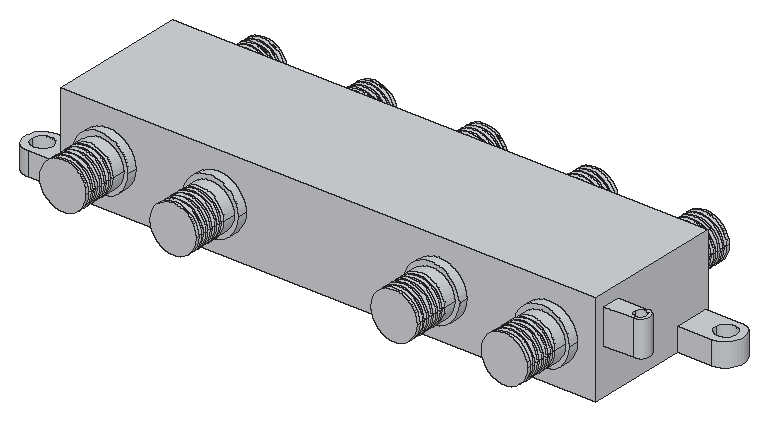
Revit family "Repetidor 812 ", category Aparatos eléctricos, Revit 2019
Family settings
  Mantener orientación de anotación = No
  Cota de conector redondo = Diámetro de uso
  Tipo de pieza = Normal
  Número OmniClass = 23.80.00.00
  Título OmniClass = Electric Power and Lighting
  Se basa en plano de trabajo = No
  Siempre vertical = Sí
  Corte con vacíos al cargar = No
  Compartido = No
  Punto de cálculo de habitación = No
Parameters
  Visibilidad 825 = yes
  Visibilidad 820 = yes
  Visibilidad 815 = yes
  Largo = 115.00 mm
  Conectores = Largo / 25.23 mm  # 5
  Conector 2 = 3.654 mm
  Conector = 0.00 mm
  Ancho [instance] = 30.00 mm
  Altura = 30.00 mm
Reference planes
  plane 1 "Centro (Frontal/Posterior)": y = 0
  plane 2: z = 0
  plane 3 "Centro (Izquierda/Derecha)": x = 0
  plane 4 "Centro I/E": x = -57.5
  plane 5 "Centro I/F": x = 57.5
  plane 6 "Centro I/G": y = 15
  plane 7 "Centro I/H": y = -15
  plane 8 "Centro I/K": y = -15
Forms (mm)
  Extrusion 1, solid
    sketch origin (0, 0, 0) x (1, 0, 0) y (0, 1, 0)
      loop
        line (57.5, 15) -> (-57.5, 15) -> (-57.5, -15) -> (57.5, -15) -> (57.5, 15)
    from 0 to 20
  Extrusion 2, solid, detail levels fine
    sketch origin (0, -6.971, 0) x (1, 0, 0) y (0, 0, 1)
      loop
        circle (-25.232, 10) r 5
    from 17 to 27
  Extrusion 3, solid
    sketch origin (0, -6.971, 0) x (1, 0, 0) y (0, 0, 1)
      loop
        circle (-25.232, 10) r 6
    from 15 to 17
  Extrusion 4, solid, detail levels fine
    sketch origin (-22.268, 0, 0) x (1, 0, 0) y (0, 0, 1)
      loop
        circle (-25.232, 10) r 5
    from 17 to 27
  Extrusion 5, solid
    sketch origin (-22.268, 0, 0) x (1, 0, 0) y (0, 0, 1)
      loop
        circle (-25.232, 10) r 6
    from 15 to 17
  Extrusion 6, solid
    sketch origin (-14.144, 3.759, 0) x (1, 0, 0) y (0, 0, -1)
      loop
        circle (0, -10) r 5
    from 17 to 27
  Extrusion 7, solid
    sketch origin (-14.144, 3.759, 0) x (1, 0, 0) y (0, 0, -1)
      loop
        circle (0, -10) r 6
    from 15 to 17
  Extrusion 8, solid, detail levels medium+fine
    sketch origin (-117.5, 86.956, 0) x (-1, 0, 0) y (0, -1, 0)
      loop
        line (-175, 100) -> (-181.519, 100)
        arc (-181.519, 100) -> (-183.474, 98.044) -> (-181.519, 96.089) r 1.956
        line (-181.519, 96.089) -> (-175, 96.089) -> (-175, 100)
      loop
        circle (-181.519, 98.044) r 1.304
    from 10 to 17.5
  Extrusion 9, solid, detail levels medium+fine
    sketch origin (-117.5, -43.128, -5) x (-1, 0, 0) y (0, -1, 0)
      loop
        line (-175, -57.5) -> (-175, -50) -> (-182.5, -50)
        arc (-182.5, -50) -> (-186.25, -53.75) -> (-182.5, -57.5) r 3.75
        line (-182.5, -57.5) -> (-175, -57.5)
      loop
        circle (-182.5, -53.75) r 2.25
    from 5 to 10
  Extrusion 10, solid, detail levels medium+fine
    sketch origin (-115, -46.566, 0) x (-1, 0, 0) y (0, -1, 0)
      loop
        line (-175, -57.5) -> (-175, -50) -> (-182.5, -50)
        arc (-182.5, -50) -> (-186.25, -53.75) -> (-182.5, -57.5) r 3.75
        line (-182.5, -57.5) -> (-175, -57.5)
      loop
        circle (-182.5, -53.75) r 2.25
    from 5 to 10
  Extrusion 11, solid, detail levels medium+fine
    sketch origin (-110, 90, 0) x (-1, 0, 0) y (0, -1, 0)
      loop
        line (-175, 100) -> (-181.519, 100)
        arc (-181.519, 100) -> (-183.474, 98.044) -> (-181.519, 96.089) r 1.956
        line (-181.519, 96.089) -> (-175, 96.089) -> (-175, 100)
      loop
        circle (-181.519, 98.044) r 1.304
    from 10 to 17.5
  Extrusion 12, solid, detail levels medium+fine
    sketch origin (117.5, 43.128, -5) x (1, 0, 0) y (0, 1, 0)
      loop
        line (-175, -57.5) -> (-175, -50) -> (-182.5, -50)
        arc (-182.5, -50) -> (-186.25, -53.75) -> (-182.5, -57.5) r 3.75
        line (-182.5, -57.5) -> (-175, -57.5)
      loop
        circle (-182.5, -53.75) r 2.25
    from 5 to 10
  Revolve 13, void
    sketch origin (-22.25, 0, 10) x (1, 0, 0) y (0, 1, 0)
      loop
        line (-29.46, -26.03) -> (-30.25, -25.574) -> (-30.25, -26.486) -> (-29.46, -26.03)
      axis (-25.25, -26.486) -> (-25.25, -25.486)
    angle from 0 to 360
  Revolve 14, void
    sketch origin (0.018, -6.971, 10) x (1, 0, 0) y (0, 1, 0)
      loop
        line (-29.46, -26.03) -> (-30.25, -25.574) -> (-30.25, -26.486) -> (-29.46, -26.03)
      axis (-25.25, -26.486) -> (-25.25, -25.486)
    angle from 0 to 360
  Revolve 15, void
    sketch origin (-22.25, 0, 10) x (1, 0, 0) y (0, 1, 0)
      loop
        line (-29.46, -24.918) -> (-30.25, -24.461) -> (-30.25, -25.374) -> (-29.46, -24.918)
      axis (-25.25, -25.374) -> (-25.25, -24.374)
    angle from 0 to 360
  Revolve 16, void
    sketch origin (0.018, -6.971, 10) x (1, 0, 0) y (0, 1, 0)
      loop
        line (-29.46, -24.918) -> (-30.25, -24.461) -> (-30.25, -25.374) -> (-29.46, -24.918)
      axis (-25.25, -25.374) -> (-25.25, -24.374)
    angle from 0 to 360
  Revolve 17, void
    sketch origin (-22.25, 0, 10) x (1, 0, 0) y (0, 1, 0)
      loop
        line (-29.46, -23.718) -> (-30.25, -23.261) -> (-30.25, -24.174) -> (-29.46, -23.718)
      axis (-25.25, -24.174) -> (-25.25, -23.174)
    angle from 0 to 360
  Revolve 18, void
    sketch origin (-22.25, 0, 10) x (1, 0, 0) y (0, 1, 0)
      loop
        line (-29.46, -22.518) -> (-30.25, -22.061) -> (-30.25, -22.974) -> (-29.46, -22.518)
      axis (-25.25, -22.974) -> (-25.25, -21.974)
    angle from 0 to 360
  Revolve 19, void
    sketch origin (-22.25, 0, 10) x (1, 0, 0) y (0, 1, 0)
      loop
        line (-29.46, -21.318) -> (-30.25, -20.861) -> (-30.25, -21.774) -> (-29.46, -21.318)
      axis (-25.25, -21.774) -> (-25.25, -20.774)
    angle from 0 to 360
  Revolve 20, void
    sketch origin (-22.25, 0, 10) x (1, 0, 0) y (0, 1, 0)
      loop
        line (-29.46, -20.118) -> (-30.25, -19.661) -> (-30.25, -20.574) -> (-29.46, -20.118)
      axis (-25.25, -20.574) -> (-25.25, -19.574)
    angle from 0 to 360
  Revolve 21, void
    sketch origin (0.018, -6.971, 10) x (1, 0, 0) y (0, 1, 0)
      loop
        line (-29.46, -23.718) -> (-30.25, -23.261) -> (-30.25, -24.174) -> (-29.46, -23.718)
      axis (-25.25, -24.174) -> (-25.25, -23.174)
    angle from 0 to 360
  Revolve 22, void
    sketch origin (0.018, -6.971, 10) x (1, 0, 0) y (0, 1, 0)
      loop
        line (-29.46, -22.518) -> (-30.25, -22.061) -> (-30.25, -22.974) -> (-29.46, -22.518)
      axis (-25.25, -22.974) -> (-25.25, -21.974)
    angle from 0 to 360
  Revolve 23, void
    sketch origin (0.018, -6.971, 10) x (1, 0, 0) y (0, 1, 0)
      loop
        line (-29.46, -21.318) -> (-30.25, -20.861) -> (-30.25, -21.774) -> (-29.46, -21.318)
      axis (-25.25, -21.774) -> (-25.25, -20.774)
    angle from 0 to 360
  Revolve 24, void
    sketch origin (0.018, -6.971, 10) x (1, 0, 0) y (0, 1, 0)
      loop
        line (-29.46, -20.118) -> (-30.25, -19.661) -> (-30.25, -20.574) -> (-29.46, -20.118)
      axis (-25.25, -20.574) -> (-25.25, -19.574)
    angle from 0 to 360
  Extrusion 25, solid, detail levels fine
    sketch origin (-72.732, 0, 0) x (-1, 0, 0) y (0, 0, 1)
      loop
        circle (-25.232, 10) r 5
    from 17 to 27
  Extrusion 26, solid
    sketch origin (-72.732, 0, 0) x (-1, 0, 0) y (0, 0, 1)
      loop
        circle (-25.232, 10) r 6
    from 15 to 17
  Revolve 27, void
    sketch origin (-72.75, 0, 10) x (-1, 0, 0) y (0, -1, 0)
      loop
        line (-29.46, -26.03) -> (-30.25, -25.574) -> (-30.25, -26.486) -> (-29.46, -26.03)
      axis (-25.25, -26.486) -> (-25.25, -25.486)
    angle from 0 to 360
  Revolve 28, void
    sketch origin (-72.75, 0, 10) x (-1, 0, 0) y (0, -1, 0)
      loop
        line (-29.46, -24.918) -> (-30.25, -24.461) -> (-30.25, -25.374) -> (-29.46, -24.918)
      axis (-25.25, -25.374) -> (-25.25, -24.374)
    angle from 0 to 360
  Revolve 29, void
    sketch origin (-72.75, 0, 10) x (-1, 0, 0) y (0, -1, 0)
      loop
        line (-29.46, -23.718) -> (-30.25, -23.261) -> (-30.25, -24.174) -> (-29.46, -23.718)
      axis (-25.25, -24.174) -> (-25.25, -23.174)
    angle from 0 to 360
  Revolve 30, void
    sketch origin (-72.75, 0, 10) x (-1, 0, 0) y (0, -1, 0)
      loop
        line (-29.46, -22.518) -> (-30.25, -22.061) -> (-30.25, -22.974) -> (-29.46, -22.518)
      axis (-25.25, -22.974) -> (-25.25, -21.974)
    angle from 0 to 360
  Revolve 31, void
    sketch origin (-72.75, 0, 10) x (-1, 0, 0) y (0, -1, 0)
      loop
        line (-29.46, -21.318) -> (-30.25, -20.861) -> (-30.25, -21.774) -> (-29.46, -21.318)
      axis (-25.25, -21.774) -> (-25.25, -20.774)
    angle from 0 to 360
  Revolve 32, void
    sketch origin (-72.75, 0, 10) x (-1, 0, 0) y (0, -1, 0)
      loop
        line (-29.46, -20.118) -> (-30.25, -19.661) -> (-30.25, -20.574) -> (-29.46, -20.118)
      axis (-25.25, -20.574) -> (-25.25, -19.574)
    angle from 0 to 360
  Extrusion 33, solid, detail levels fine
    sketch origin (35.192, 46.726, 0) x (1, 0, 0) y (0, 0, 1)
      loop
        circle (-25.232, 10) r 5
    from 17 to 27
  Extrusion 34, solid
    sketch origin (35.192, 46.726, 0) x (1, 0, 0) y (0, 0, 1)
      loop
        circle (-25.232, 10) r 6
    from 15 to 17
  Revolve 35, void
    sketch origin (35.21, 46.726, 10) x (1, 0, 0) y (0, 1, 0)
      loop
        line (-29.46, -26.03) -> (-30.25, -25.574) -> (-30.25, -26.486) -> (-29.46, -26.03)
      axis (-25.25, -26.486) -> (-25.25, -25.486)
    angle from 0 to 360
  Revolve 36, void
    sketch origin (35.21, 46.726, 10) x (1, 0, 0) y (0, 1, 0)
      loop
        line (-29.46, -24.918) -> (-30.25, -24.461) -> (-30.25, -25.374) -> (-29.46, -24.918)
      axis (-25.25, -25.374) -> (-25.25, -24.374)
    angle from 0 to 360
  Revolve 37, void
    sketch origin (35.21, 46.726, 10) x (1, 0, 0) y (0, 1, 0)
      loop
        line (-29.46, -23.718) -> (-30.25, -23.261) -> (-30.25, -24.174) -> (-29.46, -23.718)
      axis (-25.25, -24.174) -> (-25.25, -23.174)
    angle from 0 to 360
  Revolve 38, void
    sketch origin (35.21, 46.726, 10) x (1, 0, 0) y (0, 1, 0)
      loop
        line (-29.46, -22.518) -> (-30.25, -22.061) -> (-30.25, -22.974) -> (-29.46, -22.518)
      axis (-25.25, -22.974) -> (-25.25, -21.974)
    angle from 0 to 360
  Revolve 39, void
    sketch origin (35.21, 46.726, 10) x (1, 0, 0) y (0, 1, 0)
      loop
        line (-29.46, -21.318) -> (-30.25, -20.861) -> (-30.25, -21.774) -> (-29.46, -21.318)
      axis (-25.25, -21.774) -> (-25.25, -20.774)
    angle from 0 to 360
  Revolve 40, void
    sketch origin (35.21, 46.726, 10) x (1, 0, 0) y (0, 1, 0)
      loop
        line (-29.46, -20.118) -> (-30.25, -19.661) -> (-30.25, -20.574) -> (-29.46, -20.118)
      axis (-25.25, -20.574) -> (-25.25, -19.574)
    angle from 0 to 360
  Extrusion 41, solid, detail levels fine
    sketch origin (22.268, 0, 0) x (-1, 0, 0) y (0, 0, 1)
      loop
        circle (-25.232, 10) r 5
    from 17 to 27
  Extrusion 42, solid
    sketch origin (22.268, 0, 0) x (-1, 0, 0) y (0, 0, 1)
      loop
        circle (-25.232, 10) r 6
    from 15 to 17
  Revolve 43, void
    sketch origin (22.25, 0, 10) x (-1, 0, 0) y (0, -1, 0)
      loop
        line (-29.46, -26.03) -> (-30.25, -25.574) -> (-30.25, -26.486) -> (-29.46, -26.03)
      axis (-25.25, -26.486) -> (-25.25, -25.486)
    angle from 0 to 360
  Revolve 44, void
    sketch origin (22.25, 0, 10) x (-1, 0, 0) y (0, -1, 0)
      loop
        line (-29.46, -24.918) -> (-30.25, -24.461) -> (-30.25, -25.374) -> (-29.46, -24.918)
      axis (-25.25, -25.374) -> (-25.25, -24.374)
    angle from 0 to 360
  Revolve 45, void
    sketch origin (22.25, 0, 10) x (-1, 0, 0) y (0, -1, 0)
      loop
        line (-29.46, -23.718) -> (-30.25, -23.261) -> (-30.25, -24.174) -> (-29.46, -23.718)
      axis (-25.25, -24.174) -> (-25.25, -23.174)
    angle from 0 to 360
  Revolve 46, void
    sketch origin (22.25, 0, 10) x (-1, 0, 0) y (0, -1, 0)
      loop
        line (-29.46, -22.518) -> (-30.25, -22.061) -> (-30.25, -22.974) -> (-29.46, -22.518)
      axis (-25.25, -22.974) -> (-25.25, -21.974)
    angle from 0 to 360
  Revolve 47, void
    sketch origin (22.25, 0, 10) x (-1, 0, 0) y (0, -1, 0)
      loop
        line (-29.46, -21.318) -> (-30.25, -20.861) -> (-30.25, -21.774) -> (-29.46, -21.318)
      axis (-25.25, -21.774) -> (-25.25, -20.774)
    angle from 0 to 360
  Revolve 48, void
    sketch origin (22.25, 0, 10) x (-1, 0, 0) y (0, -1, 0)
      loop
        line (-29.46, -20.118) -> (-30.25, -19.661) -> (-30.25, -20.574) -> (-29.46, -20.118)
      axis (-25.25, -20.574) -> (-25.25, -19.574)
    angle from 0 to 360
  Extrusion 49, solid, detail levels fine
    sketch origin (-48.982, 0, 0) x (-1, 0, 0) y (0, 0, 1)
      loop
        circle (-25.232, 10) r 5
    from 17 to 27
  Extrusion 50, solid
    sketch origin (-48.982, 0, 0) x (-1, 0, 0) y (0, 0, 1)
      loop
        circle (-25.232, 10) r 6
    from 15 to 17
  Revolve 51, void
    sketch origin (-49, 0, 10) x (-1, 0, 0) y (0, -1, 0)
      loop
        line (-29.46, -26.03) -> (-30.25, -25.574) -> (-30.25, -26.486) -> (-29.46, -26.03)
      axis (-25.25, -26.486) -> (-25.25, -25.486)
    angle from 0 to 360
  Revolve 52, void
    sketch origin (-49, 0, 10) x (-1, 0, 0) y (0, -1, 0)
      loop
        line (-29.46, -24.918) -> (-30.25, -24.461) -> (-30.25, -25.374) -> (-29.46, -24.918)
      axis (-25.25, -25.374) -> (-25.25, -24.374)
    angle from 0 to 360
  Revolve 53, void
    sketch origin (-49, 0, 10) x (-1, 0, 0) y (0, -1, 0)
      loop
        line (-29.46, -23.718) -> (-30.25, -23.261) -> (-30.25, -24.174) -> (-29.46, -23.718)
      axis (-25.25, -24.174) -> (-25.25, -23.174)
    angle from 0 to 360
  Revolve 54, void
    sketch origin (-49, 0, 10) x (-1, 0, 0) y (0, -1, 0)
      loop
        line (-29.46, -22.518) -> (-30.25, -22.061) -> (-30.25, -22.974) -> (-29.46, -22.518)
      axis (-25.25, -22.974) -> (-25.25, -21.974)
    angle from 0 to 360
  Revolve 55, void
    sketch origin (-49, 0, 10) x (-1, 0, 0) y (0, -1, 0)
      loop
        line (-29.46, -21.318) -> (-30.25, -20.861) -> (-30.25, -21.774) -> (-29.46, -21.318)
      axis (-25.25, -21.774) -> (-25.25, -20.774)
    angle from 0 to 360
  Revolve 56, void
    sketch origin (-49, 0, 10) x (-1, 0, 0) y (0, -1, 0)
      loop
        line (-29.46, -20.118) -> (-30.25, -19.661) -> (-30.25, -20.574) -> (-29.46, -20.118)
      axis (-25.25, -20.574) -> (-25.25, -19.574)
    angle from 0 to 360
  Extrusion 57, solid, detail levels fine
    sketch origin (-25.232, 0, 0) x (-1, 0, 0) y (0, 0, 1)
      loop
        circle (-25.232, 10) r 5
    from 17 to 27
  Extrusion 58, solid
    sketch origin (-25.232, 0, 0) x (-1, 0, 0) y (0, 0, 1)
      loop
        circle (-25.232, 10) r 6
    from 15 to 17
  Revolve 59, void
    sketch origin (-25.25, 0, 10) x (-1, 0, 0) y (0, -1, 0)
      loop
        line (-29.46, -26.03) -> (-30.25, -25.574) -> (-30.25, -26.486) -> (-29.46, -26.03)
      axis (-25.25, -26.486) -> (-25.25, -25.486)
    angle from 0 to 360
  Revolve 60, void
    sketch origin (-25.25, 0, 10) x (-1, 0, 0) y (0, -1, 0)
      loop
        line (-29.46, -24.918) -> (-30.25, -24.461) -> (-30.25, -25.374) -> (-29.46, -24.918)
      axis (-25.25, -25.374) -> (-25.25, -24.374)
    angle from 0 to 360
  Revolve 61, void
    sketch origin (-25.25, 0, 10) x (-1, 0, 0) y (0, -1, 0)
      loop
        line (-29.46, -23.718) -> (-30.25, -23.261) -> (-30.25, -24.174) -> (-29.46, -23.718)
      axis (-25.25, -24.174) -> (-25.25, -23.174)
    angle from 0 to 360
  Revolve 62, void
    sketch origin (-25.25, 0, 10) x (-1, 0, 0) y (0, -1, 0)
      loop
        line (-29.46, -22.518) -> (-30.25, -22.061) -> (-30.25, -22.974) -> (-29.46, -22.518)
      axis (-25.25, -22.974) -> (-25.25, -21.974)
    angle from 0 to 360
  Revolve 63, void
    sketch origin (-25.25, 0, 10) x (-1, 0, 0) y (0, -1, 0)
      loop
        line (-29.46, -21.318) -> (-30.25, -20.861) -> (-30.25, -21.774) -> (-29.46, -21.318)
      axis (-25.25, -21.774) -> (-25.25, -20.774)
    angle from 0 to 360
  Revolve 64, void
    sketch origin (-25.25, 0, 10) x (-1, 0, 0) y (0, -1, 0)
      loop
        line (-29.46, -20.118) -> (-30.25, -19.661) -> (-30.25, -20.574) -> (-29.46, -20.118)
      axis (-25.25, -20.574) -> (-25.25, -19.574)
    angle from 0 to 360
  Extrusion 65, solid, detail levels fine
    sketch origin (-1.482, 0, 0) x (-1, 0, 0) y (0, 0, 1)
      loop
        circle (-25.232, 10) r 5
    from 17 to 27
  Extrusion 66, solid
    sketch origin (-1.482, 0, 0) x (-1, 0, 0) y (0, 0, 1)
      loop
        circle (-25.232, 10) r 6
    from 15 to 17
  Revolve 67, void
    sketch origin (-1.5, 0, 10) x (-1, 0, 0) y (0, -1, 0)
      loop
        line (-29.46, -26.03) -> (-30.25, -25.574) -> (-30.25, -26.486) -> (-29.46, -26.03)
      axis (-25.25, -26.486) -> (-25.25, -25.486)
    angle from 0 to 360
  Revolve 68, void
    sketch origin (-1.5, 0, 10) x (-1, 0, 0) y (0, -1, 0)
      loop
        line (-29.46, -24.918) -> (-30.25, -24.461) -> (-30.25, -25.374) -> (-29.46, -24.918)
      axis (-25.25, -25.374) -> (-25.25, -24.374)
    angle from 0 to 360
  Revolve 69, void
    sketch origin (-1.5, 0, 10) x (-1, 0, 0) y (0, -1, 0)
      loop
        line (-29.46, -23.718) -> (-30.25, -23.261) -> (-30.25, -24.174) -> (-29.46, -23.718)
      axis (-25.25, -24.174) -> (-25.25, -23.174)
    angle from 0 to 360
  Revolve 70, void
    sketch origin (-1.5, 0, 10) x (-1, 0, 0) y (0, -1, 0)
      loop
        line (-29.46, -22.518) -> (-30.25, -22.061) -> (-30.25, -22.974) -> (-29.46, -22.518)
      axis (-25.25, -22.974) -> (-25.25, -21.974)
    angle from 0 to 360
  Revolve 71, void
    sketch origin (-1.5, 0, 10) x (-1, 0, 0) y (0, -1, 0)
      loop
        line (-29.46, -21.318) -> (-30.25, -20.861) -> (-30.25, -21.774) -> (-29.46, -21.318)
      axis (-25.25, -21.774) -> (-25.25, -20.774)
    angle from 0 to 360
  Revolve 72, void
    sketch origin (-1.5, 0, 10) x (-1, 0, 0) y (0, -1, 0)
      loop
        line (-29.46, -20.118) -> (-30.25, -19.661) -> (-30.25, -20.574) -> (-29.46, -20.118)
      axis (-25.25, -20.574) -> (-25.25, -19.574)
    angle from 0 to 360
  Extrusion 73, solid, detail levels fine
    sketch origin (72.732, 0, 0) x (1, 0, 0) y (0, 0, 1)
      loop
        circle (-25.232, 10) r 5
    from 17 to 27
  Extrusion 74, solid
    sketch origin (72.732, 0, 0) x (1, 0, 0) y (0, 0, 1)
      loop
        circle (-25.232, 10) r 6
    from 15 to 17
  Revolve 75, void
    sketch origin (72.75, 0, 10) x (1, 0, 0) y (0, 1, 0)
      loop
        line (-29.46, -26.03) -> (-30.25, -25.574) -> (-30.25, -26.486) -> (-29.46, -26.03)
      axis (-25.25, -26.486) -> (-25.25, -25.486)
    angle from 0 to 360
  Revolve 76, void
    sketch origin (72.75, 0, 10) x (1, 0, 0) y (0, 1, 0)
      loop
        line (-29.46, -24.918) -> (-30.25, -24.461) -> (-30.25, -25.374) -> (-29.46, -24.918)
      axis (-25.25, -25.374) -> (-25.25, -24.374)
    angle from 0 to 360
  Revolve 77, void
    sketch origin (72.75, 0, 10) x (1, 0, 0) y (0, 1, 0)
      loop
        line (-29.46, -23.718) -> (-30.25, -23.261) -> (-30.25, -24.174) -> (-29.46, -23.718)
      axis (-25.25, -24.174) -> (-25.25, -23.174)
    angle from 0 to 360
  Revolve 78, void
    sketch origin (72.75, 0, 10) x (1, 0, 0) y (0, 1, 0)
      loop
        line (-29.46, -22.518) -> (-30.25, -22.061) -> (-30.25, -22.974) -> (-29.46, -22.518)
      axis (-25.25, -22.974) -> (-25.25, -21.974)
    angle from 0 to 360
  Revolve 79, void
    sketch origin (72.75, 0, 10) x (1, 0, 0) y (0, 1, 0)
      loop
        line (-29.46, -21.318) -> (-30.25, -20.861) -> (-30.25, -21.774) -> (-29.46, -21.318)
      axis (-25.25, -21.774) -> (-25.25, -20.774)
    angle from 0 to 360
  Revolve 80, void
    sketch origin (72.75, 0, 10) x (1, 0, 0) y (0, 1, 0)
      loop
        line (-29.46, -20.118) -> (-30.25, -19.661) -> (-30.25, -20.574) -> (-29.46, -20.118)
      axis (-25.25, -20.574) -> (-25.25, -19.574)
    angle from 0 to 360
  Extrusion 81, solid, detail levels fine
    sketch origin (48.982, 0, 0) x (1, 0, 0) y (0, 0, 1)
      loop
        circle (-25.232, 10) r 5
    from 17 to 27
  Extrusion 82, solid
    sketch origin (48.982, 0, 0) x (1, 0, 0) y (0, 0, 1)
      loop
        circle (-25.232, 10) r 6
    from 15 to 17
  Revolve 83, void
    sketch origin (49, 0, 10) x (1, 0, 0) y (0, 1, 0)
      loop
        line (-29.46, -26.03) -> (-30.25, -25.574) -> (-30.25, -26.486) -> (-29.46, -26.03)
      axis (-25.25, -26.486) -> (-25.25, -25.486)
    angle from 0 to 360
  Revolve 84, void
    sketch origin (49, 0, 10) x (1, 0, 0) y (0, 1, 0)
      loop
        line (-29.46, -24.918) -> (-30.25, -24.461) -> (-30.25, -25.374) -> (-29.46, -24.918)
      axis (-25.25, -25.374) -> (-25.25, -24.374)
    angle from 0 to 360
  Revolve 85, void
    sketch origin (49, 0, 10) x (1, 0, 0) y (0, 1, 0)
      loop
        line (-29.46, -23.718) -> (-30.25, -23.261) -> (-30.25, -24.174) -> (-29.46, -23.718)
      axis (-25.25, -24.174) -> (-25.25, -23.174)
    angle from 0 to 360
  Revolve 86, void
    sketch origin (49, 0, 10) x (1, 0, 0) y (0, 1, 0)
      loop
        line (-29.46, -22.518) -> (-30.25, -22.061) -> (-30.25, -22.974) -> (-29.46, -22.518)
      axis (-25.25, -22.974) -> (-25.25, -21.974)
    angle from 0 to 360
  Revolve 87, void
    sketch origin (49, 0, 10) x (1, 0, 0) y (0, 1, 0)
      loop
        line (-29.46, -21.318) -> (-30.25, -20.861) -> (-30.25, -21.774) -> (-29.46, -21.318)
      axis (-25.25, -21.774) -> (-25.25, -20.774)
    angle from 0 to 360
  Revolve 88, void
    sketch origin (49, 0, 10) x (1, 0, 0) y (0, 1, 0)
      loop
        line (-29.46, -20.118) -> (-30.25, -19.661) -> (-30.25, -20.574) -> (-29.46, -20.118)
      axis (-25.25, -20.574) -> (-25.25, -19.574)
    angle from 0 to 360
  Extrusion 89, solid, detail levels fine
    sketch origin (1.482, 0, 0) x (1, 0, 0) y (0, 0, 1)
      loop
        circle (-25.232, 10) r 5
    from 17 to 27
  Extrusion 90, solid
    sketch origin (1.482, 0, 0) x (1, 0, 0) y (0, 0, 1)
      loop
        circle (-25.232, 10) r 6
    from 15 to 17
  Revolve 91, void
    sketch origin (1.5, 0, 10) x (1, 0, 0) y (0, 1, 0)
      loop
        line (-29.46, -26.03) -> (-30.25, -25.574) -> (-30.25, -26.486) -> (-29.46, -26.03)
      axis (-25.25, -26.486) -> (-25.25, -25.486)
    angle from 0 to 360
  Revolve 92, void
    sketch origin (1.5, 0, 10) x (1, 0, 0) y (0, 1, 0)
      loop
        line (-29.46, -24.918) -> (-30.25, -24.461) -> (-30.25, -25.374) -> (-29.46, -24.918)
      axis (-25.25, -25.374) -> (-25.25, -24.374)
    angle from 0 to 360
  Revolve 93, void
    sketch origin (1.5, 0, 10) x (1, 0, 0) y (0, 1, 0)
      loop
        line (-29.46, -23.718) -> (-30.25, -23.261) -> (-30.25, -24.174) -> (-29.46, -23.718)
      axis (-25.25, -24.174) -> (-25.25, -23.174)
    angle from 0 to 360
  Revolve 94, void
    sketch origin (1.5, 0, 10) x (1, 0, 0) y (0, 1, 0)
      loop
        line (-29.46, -22.518) -> (-30.25, -22.061) -> (-30.25, -22.974) -> (-29.46, -22.518)
      axis (-25.25, -22.974) -> (-25.25, -21.974)
    angle from 0 to 360
  Revolve 95, void
    sketch origin (1.5, 0, 10) x (1, 0, 0) y (0, 1, 0)
      loop
        line (-29.46, -21.318) -> (-30.25, -20.861) -> (-30.25, -21.774) -> (-29.46, -21.318)
      axis (-25.25, -21.774) -> (-25.25, -20.774)
    angle from 0 to 360
  Revolve 96, void
    sketch origin (1.5, 0, 10) x (1, 0, 0) y (0, 1, 0)
      loop
        line (-29.46, -20.118) -> (-30.25, -19.661) -> (-30.25, -20.574) -> (-29.46, -20.118)
      axis (-25.25, -20.574) -> (-25.25, -19.574)
    angle from 0 to 360
Cuts and joins
  Revolve 13, Revolve 15, Revolve 17, Revolve 18, Revolve 19, Revolve 20, Revolve 27, Revolve 28, Revolve 29, Revolve 30, Revolve 31, Revolve 32, Revolve 75, Revolve 76, Revolve 77, Revolve 78, Revolve 79, Revolve 80 cuts Extrusion 4
  Revolve 27, Revolve 28, Revolve 29, Revolve 30, Revolve 31, Revolve 32, Revolve 43, Revolve 44, Revolve 45, Revolve 46, Revolve 47, Revolve 48 cuts Extrusion 25
  Revolve 43, Revolve 44, Revolve 45, Revolve 46, Revolve 47, Revolve 48 cuts Extrusion 41
  Revolve 51, Revolve 52, Revolve 53, Revolve 54, Revolve 55, Revolve 56 cuts Extrusion 49
  Revolve 59, Revolve 60, Revolve 61, Revolve 62, Revolve 63, Revolve 64 cuts Extrusion 57
  Revolve 67, Revolve 68, Revolve 69, Revolve 70, Revolve 71, Revolve 72 cuts Extrusion 65
  Revolve 75, Revolve 76, Revolve 77, Revolve 78, Revolve 79, Revolve 80, Revolve 83, Revolve 84, Revolve 85, Revolve 86, Revolve 87, Revolve 88 cuts Extrusion 73
  Revolve 83, Revolve 84, Revolve 85, Revolve 86, Revolve 87, Revolve 88, Revolve 91, Revolve 92, Revolve 93, Revolve 94, Revolve 95, Revolve 96 cuts Extrusion 81
  Revolve 91, Revolve 92, Revolve 93, Revolve 94, Revolve 95, Revolve 96 cuts Extrusion 89
Lines and regions (mm)
  model lines, detail levels medium
    curve 1: line (57.5, 6.872, 0) -> (65, 6.872, 0)
    curve 2: arc (65, 6.872, 0) -> (68.75, 10.622, 0) -> (65, 14.372, 0) r 3.75
    curve 3: line (65, 14.372, 0) -> (57.5, 14.372, 0)
    curve 4: line (60, 3.434, 5) -> (67.5, 3.434, 5)
    curve 5: arc (67.5, 3.434, 5) -> (71.25, 7.184, 5) -> (67.5, 10.934, 5) r 3.75
    curve 6: line (67.5, 10.934, 5) -> (60, 10.934, 5)
    curve 7: line (-57.5, -6.872, 0) -> (-65, -6.872, 0)
    curve 8: arc (-65, -6.872, 0) -> (-68.75, -10.622, 0) -> (-65, -14.372, 0) r 3.75
    curve 9: line (-65, -14.372, 0) -> (-57.5, -14.372, 0)
    curve 589: line (-52.5, -17, 10) -> (-52.5, -27, 10)
    curve 590: line (-52.5, -27, 10) -> (-42.5, -27, 10)
    curve 591: line (-42.5, -27, 10) -> (-42.5, -17, 10)
    curve 592: line (-30.232, -23.971, 10) -> (-30.232, -33.971, 10)
    curve 593: line (-30.232, -33.971, 10) -> (-20.232, -33.971, 10)
    curve 594: line (-20.232, -33.971, 10) -> (-20.232, -23.971, 10)
    curve 595: line (42.5, -17, 10) -> (42.5, -27, 10)
    curve 596: line (42.5, -27, 10) -> (52.5, -27, 10)
    curve 597: line (52.5, -27, 10) -> (52.5, -17, 10)
    curve 598: line (18.75, -17, 10) -> (18.75, -27, 10)
    curve 599: line (18.75, -27, 10) -> (28.75, -27, 10)
    curve 600: line (28.75, -27, 10) -> (28.75, -17, 10)
    curve 601: line (-28.75, -17, 10) -> (-28.75, -27, 10)
    curve 602: line (-28.75, -27, 10) -> (-18.75, -27, 10)
    curve 603: line (-18.75, -27, 10) -> (-18.75, -17, 10)
    curve 604: line (57.5, -9.133, 10) -> (64.019, -9.133, 10)
    curve 605: arc (64.019, -9.133, 10) -> (65.974, -11.089, 10) -> (64.019, -13.044, 10) r 1.956
    curve 606: line (64.019, -13.044, 10) -> (57.5, -13.044, 10)
    curve 607: line (65, -6.089, 10) -> (71.519, -6.089, 10)
    curve 608: arc (71.519, -6.089, 10) -> (73.474, -8.044, 10) -> (71.519, -10, 10) r 1.956
    curve 609: line (71.519, -10, 10) -> (65, -10, 10)
    curve 610: line (-52.5, 17, 10) -> (-52.5, 27, 10)
    curve 611: line (-52.5, 27, 10) -> (-42.5, 27, 10)
    curve 612: line (-42.5, 27, 10) -> (-42.5, 17, 10)
    curve 613: line (14.96, 29.726, 10) -> (14.96, 19.726, 10)
    curve 614: line (14.96, 19.726, 10) -> (4.96, 19.726, 10)
    curve 615: line (4.96, 19.726, 10) -> (4.96, 29.726, 10)
    curve 616: line (42.5, 17, 10) -> (42.5, 27, 10)
    curve 617: line (42.5, 27, 10) -> (52.5, 27, 10)
    curve 618: line (52.5, 27, 10) -> (52.5, 17, 10)
    curve 619: line (-28.75, 17, 10) -> (-28.75, 27, 10)
    curve 620: line (-28.75, 27, 10) -> (-18.75, 27, 10)
    curve 621: line (-18.75, 27, 10) -> (-18.75, 17, 10)
    curve 622: line (-5, 17, 10) -> (-5, 27, 10)
    curve 623: line (-5, 27, 10) -> (5, 27, 10)
    curve 624: line (5, 27, 10) -> (5, 17, 10)
    curve 625: line (18.75, 17, 10) -> (18.75, 27, 10)
    curve 626: line (18.75, 27, 10) -> (28.75, 27, 10)
    curve 627: line (28.75, 27, 10) -> (28.75, 17, 10)
  model lines
    curve 10: line (-56, 13.5, 20) -> (-56, -13.5, 20)
    curve 11: line (-56, -13.5, 20) -> (56, -13.5, 20)
    curve 12: line (56, -13.5, 20) -> (56, 13.5, 20)
    curve 13: line (56, 13.5, 20) -> (-56, 13.5, 20)
  model lines, detail levels fine
    curve 14: line (-33.11, 2.773, 20) -> (-34.831, 5.755, 20)
    curve 15: line (-34.831, 5.755, 20) -> (-39.217, -1.477, 20)
    curve 16: line (-39.217, -1.477, 20) -> (-30.779, -1.477, 20)
    curve 17: line (-30.779, -1.477, 20) -> (-32.757, 2.172, 20)
    curve 18: line (-32.391, 2.639, 20) -> (-29.692, -2.172, 20)
    curve 19: line (-29.692, -2.172, 20) -> (-40.267, -2.172, 20)
    curve 20: line (-40.267, -2.172, 20) -> (-34.767, 6.873, 20)
    curve 21: line (-34.767, 6.873, 20) -> (-32.681, 3.155, 20)
    curve 22: line (-30.408, 5.175, 20) -> (-35.124, 0.984, 20)
    curve 23: line (-35.124, 0.984, 20) -> (-36.855, 2.14, 20)
    curve 24: line (-35.092, -0.814, 20) -> (-30.408, 5.175, 20)
    curve 25: line (-36.855, 1.35, 20) -> (-35.092, -0.814, 20)
    curve 96: line (-36.855, 2.14, 20) -> (-36.855, 1.35, 20)
    curve 97: line (29.996, -4.197, 20) -> (29.23, -4.197, 20)
    curve 98: line (29.23, -4.197, 20) -> (28.564, -3.117, 20)
    curve 99: line (28.564, -3.117, 20) -> (27.803, -3.123, 20)
    curve 100: line (27.803, -3.123, 20) -> (27.803, -4.197, 20)
    curve 101: line (27.803, -4.197, 20) -> (27.275, -4.197, 20)
    curve 102: line (27.275, -4.197, 20) -> (27.275, -2.586, 20)
    curve 103: line (27.275, -2.586, 20) -> (28.861, -2.586, 20)
    curve 104: arc (28.861, -2.586, 20) -> (29.188, -2.26, 20) -> (28.861, -1.933, 20) r 0.327
    curve 105: line (28.861, -1.933, 20) -> (27.275, -1.933, 20)
    curve 106: line (27.275, -1.933, 20) -> (27.275, -1.383, 20)
    curve 107: line (27.275, -1.383, 20) -> (28.927, -1.383, 20)
    curve 108: arc (28.927, -1.383, 20) -> (29.775, -2.149, 20) -> (29.099, -3.07, 20) r 0.852
    curve 109: line (29.099, -3.07, 20) -> (29.996, -4.197, 20)
    curve 110: line (30.554, -1.943, 20) -> (31.108, -1.943, 20)
    curve 111: line (31.108, -1.943, 20) -> (31.696, -3.504, 20)
    curve 112: line (35.257, -4.197, 20) -> (33.752, -4.197, 20)
    curve 113: arc (33.752, -4.197, 20) -> (33.36, -4.03, 20) -> (33.208, -3.631, 20) r 0.544
    curve 114: line (33.208, -3.631, 20) -> (33.208, -2.51, 20)
    curve 115: arc (33.208, -2.51, 20) -> (33.348, -2.155, 20) -> (33.694, -1.991, 20) r 0.521
    curve 116: line (33.694, -1.991, 20) -> (34.699, -1.991, 20)
    curve 117: arc (34.699, -1.991, 20) -> (35.372, -2.627, 20) -> (34.736, -3.301, 20) r 0.655
    curve 118: line (34.736, -3.301, 20) -> (33.919, -3.301, 20)
    curve 119: arc (33.919, -3.301, 20) -> (33.711, -3.508, 20) -> (33.919, -3.716, 20) r 0.208
    curve 120: line (33.919, -3.716, 20) -> (35.257, -3.716, 20)
    curve 121: line (36.185, -2.745, 20) -> (36.185, -4.143, 20)
    curve 122: line (36.185, -4.143, 20) -> (35.708, -4.143, 20)
    curve 123: line (35.708, -4.143, 20) -> (35.708, -2.573, 20)
    curve 124: arc (35.708, -2.573, 20) -> (35.826, -2.222, 20) -> (36.131, -2.014, 20) r 0.58
    curve 125: line (36.131, -2.014, 20) -> (37.155, -2.014, 20)
    curve 126: line (39.353, -4.197, 20) -> (38.019, -4.197, 20)
    curve 127: arc (38.019, -4.197, 20) -> (37.549, -4.057, 20) -> (37.376, -3.597, 20) r 0.552
    curve 128: line (37.376, -3.597, 20) -> (37.376, -1.437, 20)
    curve 129: line (37.376, -1.437, 20) -> (37.867, -1.437, 20)
    curve 130: line (37.867, -1.437, 20) -> (37.867, -3.38, 20)
    curve 131: line (40.191, -1.979, 20) -> (40.191, -4.197, 20)
    curve 132: circle (39.947, -1.499, 20) r 0.288 normal (0, 0, 1)
    curve 133: line (40.585, -4.197, 20) -> (41.09, -4.197, 20)
    curve 134: line (41.09, -4.197, 20) -> (41.09, -2.464, 20)
    curve 135: line (41.09, -2.464, 20) -> (41.818, -2.464, 20)
    curve 136: arc (41.818, -2.464, 20) -> (42.18, -2.589, 20) -> (42.389, -2.91, 20) r 0.588
    curve 137: line (42.389, -2.91, 20) -> (42.389, -4.197, 20)
    curve 138: line (42.389, -4.197, 20) -> (42.887, -4.197, 20)
    curve 139: line (42.887, -4.197, 20) -> (42.887, -2.976, 20)
    curve 140: arc (42.887, -2.976, 20) -> (42.697, -2.397, 20) -> (42.199, -2.045, 20) r 0.973
    curve 141: line (42.199, -2.045, 20) -> (40.585, -2.045, 20)
    curve 142: line (40.585, -2.045, 20) -> (40.585, -4.197, 20)
    curve 143: line (45.26, -4.197, 20) -> (43.755, -4.197, 20)
    curve 144: arc (43.755, -4.197, 20) -> (43.382, -4.042, 20) -> (43.23, -3.668, 20) r 0.526
    curve 145: line (43.23, -3.668, 20) -> (43.23, -2.507, 20)
    curve 146: arc (43.23, -2.507, 20) -> (43.366, -2.158, 20) -> (43.702, -1.995, 20) r 0.513
    curve 147: line (43.702, -1.995, 20) -> (44.702, -1.995, 20)
    curve 148: arc (44.702, -1.995, 20) -> (45.373, -2.629, 20) -> (44.739, -3.301, 20) r 0.653
    curve 149: line (44.739, -3.301, 20) -> (43.922, -3.301, 20)
    curve 150: arc (43.922, -3.301, 20) -> (43.715, -3.508, 20) -> (43.922, -3.716, 20) r 0.208
    curve 151: line (43.922, -3.716, 20) -> (45.26, -3.716, 20)
    curve 152: spline (44.893, -2.708, 20) -> (44.872, -2.638, 20) -> (44.812, -2.574, 20) -> (44.716, -2.519, 20) -> (44.591, -2.476, 20) -> (44.446, -2.449, 20) -> (44.289, -2.44, 20) -> (44.133, -2.449, 20) -> (43.988, -2.476, 20) -> (43.863, -2.519, 20) -> (43.767, -2.574, 20) -> (43.707, -2.638, 20) -> (43.686, -2.708, 20) -> (43.707, -2.777, 20) -> (43.767, -2.841, 20) -> (43.863, -2.897, 20) -> (43.988, -2.939, 20) -> (44.133, -2.966, 20) -> (44.289, -2.975, 20) -> (44.446, -2.966, 20) -> (44.591, -2.939, 20) -> (44.716, -2.897, 20) -> (44.812, -2.841, 20) -> (44.872, -2.777, 20) -> (44.893, -2.708, 20)
    curve 153: spline (34.89, -2.708, 20) -> (34.869, -2.638, 20) -> (34.809, -2.574, 20) -> (34.713, -2.519, 20) -> (34.588, -2.476, 20) -> (34.442, -2.449, 20) -> (34.286, -2.44, 20) -> (34.13, -2.449, 20) -> (33.985, -2.476, 20) -> (33.86, -2.519, 20) -> (33.764, -2.574, 20) -> (33.703, -2.638, 20) -> (33.683, -2.708, 20) -> (33.703, -2.777, 20) -> (33.764, -2.841, 20) -> (33.86, -2.897, 20) -> (33.985, -2.939, 20) -> (34.13, -2.966, 20) -> (34.286, -2.975, 20) -> (34.442, -2.966, 20) -> (34.588, -2.939, 20) -> (34.713, -2.897, 20) -> (34.809, -2.841, 20) -> (34.869, -2.777, 20) -> (34.89, -2.708, 20)
    curve 154: line (36.095, 0.444, 20) -> (37.866, 1.416, 20)
    curve 155: arc (37.866, 1.416, 20) -> (38.472, 1.24, 20) -> (38.295, 0.634, 20) r 0.446
    curve 156: line (38.295, 0.634, 20) -> (36.305, -0.528, 20)
    curve 157: arc (36.305, -0.528, 20) -> (36.022, -0.605, 20) -> (35.739, -0.528, 20) r 0.561
    curve 158: line (35.739, -0.528, 20) -> (33.369, 1.077, 20)
    curve 159: line (33.369, 1.077, 20) -> (34.011, 2.006, 20)
    curve 160: line (35.685, 3.421, 20) -> (33.981, 2.46, 20)
    curve 161: arc (33.981, 2.46, 20) -> (33.314, 2.649, 20) -> (33.511, 3.314, 20) r 0.487
    curve 162: line (33.511, 3.314, 20) -> (37.366, 5.441, 20)
    curve 163: line (37.366, 5.441, 20) -> (36.001, 6.169, 20)
    curve 164: line (35.751, 6.126, 20) -> (33.258, 4.759, 20)
    curve 165: line (33.258, 4.759, 20) -> (33.258, 5.783, 20)
    curve 166: line (33.258, 5.783, 20) -> (35.661, 7.126, 20)
    curve 167: arc (35.661, 7.126, 20) -> (35.909, 7.184, 20) -> (36.15, 7.101, 20) r 0.46
    curve 168: line (36.15, 7.101, 20) -> (38.337, 5.965, 20)
    curve 169: line (38.337, 5.965, 20) -> (38.337, 4.911, 20)
    curve 170: line (38.337, 4.911, 20) -> (36.734, 3.993, 20)
    curve 171: line (36.734, 3.993, 20) -> (38.369, 3.044, 20)
    curve 172: line (38.369, 3.044, 20) -> (38.369, 2.47, 20)
    curve 173: line (38.369, 2.47, 20) -> (37.681, 2.041, 20)
    curve 174: line (32.001, -3.504, 20) -> (32.73, -1.943, 20)
    curve 175: line (33.224, -1.943, 20) -> (32.316, -3.927, 20)
    curve 176: arc (32.316, -3.927, 20) -> (31.898, -4.197, 20) -> (31.476, -3.933, 20) r 0.463
    curve 177: line (31.476, -3.933, 20) -> (30.554, -1.943, 20)
    curve 178: line (36.366, -2.502, 20) -> (37.155, -2.502, 20)
    curve 179: line (37.155, -2.502, 20) -> (37.155, -2.014, 20)
    curve 180: arc (36.366, -2.502, 20) -> (36.235, -2.593, 20) -> (36.185, -2.745, 20) r 0.254
    curve 181: line (35.257, -3.716, 20) -> (35.257, -4.197, 20)
    curve 182: line (39.353, -3.668, 20) -> (38.164, -3.668, 20)
    curve 183: arc (38.164, -3.668, 20) -> (37.957, -3.584, 20) -> (37.867, -3.38, 20) r 0.296
    curve 184: line (39.353, -4.197, 20) -> (39.353, -3.668, 20)
    curve 185: line (39.703, -1.979, 20) -> (39.703, -4.197, 20)
    curve 186: line (39.703, -1.979, 20) -> (40.191, -1.979, 20)
    curve 187: line (39.703, -4.197, 20) -> (40.191, -4.197, 20)
    curve 188: line (45.26, -4.197, 20) -> (45.26, -3.716, 20)
    curve 189: line (30.519, -1.979, 20) -> (30.519, -4.197, 20)
    curve 190: circle (30.276, -1.499, 20) r 0.288 normal (0, 0, 1)
    curve 191: line (30.068, -1.979, 20) -> (30.068, -4.197, 20)
    curve 192: line (30.068, -1.979, 20) -> (30.519, -1.979, 20)
    curve 193: line (29.996, -4.197, 20) -> (30.519, -4.197, 20)
    curve 194: line (32.73, -1.943, 20) -> (33.224, -1.943, 20)
    curve 195: arc (31.696, -3.504, 20) -> (31.848, -3.61, 20) -> (32.001, -3.504, 20) r 0.163
    curve 196: line (37.504, 2.495, 20) -> (35.949, 3.421, 20)
    curve 197: line (34.273, 1.593, 20) -> (35.937, 0.444, 20)
    curve 198: arc (35.937, 0.444, 20) -> (36.016, 0.419, 20) -> (36.095, 0.444, 20) r 0.139
    curve 199: line (34.273, 1.593, 20) -> (34.011, 2.006, 20)
    curve 200: line (37.504, 2.495, 20) -> (37.681, 2.041, 20)
    curve 201: arc (36.001, 6.169, 20) -> (35.873, 6.169, 20) -> (35.751, 6.126, 20) r 0.387
    curve 202: arc (35.949, 3.421, 20) -> (35.817, 3.456, 20) -> (35.685, 3.421, 20) r 0.269
    curve 203: line (-37.573, -5.385, 20) -> (-38.34, -5.385, 20)
    curve 204: line (-38.34, -5.385, 20) -> (-39.005, -4.304, 20)
    curve 205: line (-39.005, -4.304, 20) -> (-39.767, -4.311, 20)
    curve 206: line (-39.767, -4.311, 20) -> (-39.767, -5.385, 20)
    curve 207: line (-39.767, -5.385, 20) -> (-40.295, -5.385, 20)
    curve 208: line (-40.295, -5.385, 20) -> (-40.295, -3.774, 20)
    curve 209: line (-40.295, -3.774, 20) -> (-38.709, -3.774, 20)
    curve 210: arc (-38.709, -3.774, 20) -> (-38.382, -3.447, 20) -> (-38.709, -3.12, 20) r 0.327
    curve 211: line (-38.709, -3.12, 20) -> (-40.295, -3.12, 20)
    curve 212: line (-40.295, -3.12, 20) -> (-40.295, -2.57, 20)
    curve 213: line (-40.295, -2.57, 20) -> (-38.643, -2.57, 20)
    curve 214: arc (-38.643, -2.57, 20) -> (-37.795, -3.336, 20) -> (-38.471, -4.257, 20) r 0.852
    curve 215: line (-38.471, -4.257, 20) -> (-37.573, -5.385, 20)
    curve 216: line (-36.545, -3.24, 20) -> (-36.545, -5.458, 20)
    curve 217: circle (-36.789, -2.76, 20) r 0.288 normal (0, 0, 1)
    curve 218: line (-37.068, -3.24, 20) -> (-37.068, -5.458, 20)
    curve 219: line (-37.068, -3.24, 20) -> (-36.545, -3.24, 20)
    curve 220: line (-37.068, -5.458, 20) -> (-36.545, -5.458, 20)
    curve 221: line (-36.169, -3.25, 20) -> (-35.399, -3.25, 20)
    curve 222: line (-35.399, -3.25, 20) -> (-35.399, -5.438, 20)
    curve 223: line (-35.399, -5.438, 20) -> (-34.741, -5.438, 20)
    curve 224: line (-34.741, -5.438, 20) -> (-34.741, -3.25, 20)
    curve 225: line (-34.741, -3.25, 20) -> (-33.979, -3.25, 20)
    curve 226: line (-36.169, -2.593, 20) -> (-33.979, -2.593, 20)
    curve 227: line (-36.169, -3.25, 20) -> (-36.169, -2.593, 20)
    curve 228: line (-33.979, -3.25, 20) -> (-33.979, -2.593, 20)
    curve 229: line (-31.625, -5.385, 20) -> (-33.13, -5.385, 20)
    curve 230: arc (-33.13, -5.385, 20) -> (-33.522, -5.218, 20) -> (-33.674, -4.82, 20) r 0.544
    curve 231: line (-33.674, -4.82, 20) -> (-33.674, -3.699, 20)
    curve 232: arc (-33.674, -3.699, 20) -> (-33.534, -3.343, 20) -> (-33.189, -3.179, 20) r 0.521
    curve 233: line (-33.189, -3.179, 20) -> (-32.183, -3.179, 20)
    curve 234: arc (-32.183, -3.179, 20) -> (-31.51, -3.815, 20) -> (-32.146, -4.489, 20) r 0.655
    curve 235: line (-32.146, -4.489, 20) -> (-32.963, -4.489, 20)
    curve 236: arc (-32.963, -4.489, 20) -> (-33.171, -4.697, 20) -> (-32.963, -4.904, 20) r 0.208
    curve 237: line (-32.963, -4.904, 20) -> (-31.625, -4.904, 20)
    curve 238: line (-29.315, -5.385, 20) -> (-30.649, -5.385, 20)
    curve 239: arc (-30.649, -5.385, 20) -> (-31.12, -5.245, 20) -> (-31.292, -4.785, 20) r 0.552
    curve 240: line (-31.292, -4.785, 20) -> (-31.292, -2.626, 20)
    curve 241: line (-31.292, -2.626, 20) -> (-30.801, -2.626, 20)
    curve 242: line (-30.801, -2.626, 20) -> (-30.801, -4.568, 20)
    curve 243: spline (-31.993, -3.896, 20) -> (-32.013, -3.827, 20) -> (-32.073, -3.762, 20) -> (-32.169, -3.707, 20) -> (-32.294, -3.664, 20) -> (-32.44, -3.638, 20) -> (-32.596, -3.629, 20) -> (-32.752, -3.638, 20) -> (-32.898, -3.664, 20) -> (-33.023, -3.707, 20) -> (-33.118, -3.762, 20) -> (-33.179, -3.827, 20) -> (-33.199, -3.896, 20) -> (-33.179, -3.965, 20) -> (-33.118, -4.03, 20) -> (-33.023, -4.085, 20) -> (-32.898, -4.128, 20) -> (-32.752, -4.154, 20) -> (-32.596, -4.163, 20) -> (-32.44, -4.154, 20) -> (-32.294, -4.128, 20) -> (-32.169, -4.085, 20) -> (-32.073, -4.03, 20) -> (-32.013, -3.965, 20) -> (-31.993, -3.896, 20)
    curve 244: line (-31.625, -4.904, 20) -> (-31.625, -5.385, 20)
    curve 245: line (-29.315, -4.856, 20) -> (-30.505, -4.856, 20)
    curve 246: arc (-30.505, -4.856, 20) -> (-30.712, -4.773, 20) -> (-30.801, -4.568, 20) r 0.296
    curve 247: line (-29.315, -5.385, 20) -> (-29.315, -4.856, 20)
    curve 318: line (114.004, 46.287, 0) -> (113.237, 46.287, 0)
    curve 319: line (113.237, 46.287, 0) -> (112.572, 47.368, 0)
    curve 320: line (112.572, 47.368, 0) -> (111.81, 47.361, 0)
    curve 321: line (111.81, 47.361, 0) -> (111.81, 46.287, 0)
    curve 322: line (111.81, 46.287, 0) -> (111.282, 46.287, 0)
    curve 323: line (111.282, 46.287, 0) -> (111.282, 47.898, 0)
    curve 324: line (111.282, 47.898, 0) -> (112.868, 47.898, 0)
    curve 325: arc (112.868, 47.898, 0) -> (113.195, 48.225, 0) -> (112.868, 48.552, 0) r 0.327
    curve 326: line (112.868, 48.552, 0) -> (111.282, 48.552, 0)
    curve 327: line (111.282, 48.552, 0) -> (111.282, 49.102, 0)
    curve 328: line (111.282, 49.102, 0) -> (112.934, 49.102, 0)
    curve 329: arc (112.934, 49.102, 0) -> (113.782, 48.336, 0) -> (113.106, 47.415, 0) r 0.852
    curve 330: line (113.106, 47.415, 0) -> (114.004, 46.287, 0)
    curve 331: line (114.561, 48.542, 0) -> (115.116, 48.542, 0)
    curve 332: line (115.116, 48.542, 0) -> (115.703, 46.98, 0)
    curve 333: line (119.264, 46.287, 0) -> (117.759, 46.287, 0)
    curve 334: arc (117.759, 46.287, 0) -> (117.367, 46.454, 0) -> (117.215, 46.853, 0) r 0.544
    curve 335: line (117.215, 46.853, 0) -> (117.215, 47.974, 0)
    curve 336: arc (117.215, 47.974, 0) -> (117.356, 48.33, 0) -> (117.701, 48.494, 0) r 0.521
    curve 337: line (117.701, 48.494, 0) -> (118.706, 48.494, 0)
    curve 338: arc (118.706, 48.494, 0) -> (119.38, 47.858, 0) -> (118.743, 47.184, 0) r 0.655
    curve 339: line (118.743, 47.184, 0) -> (117.926, 47.184, 0)
    curve 340: arc (117.926, 47.184, 0) -> (117.719, 46.976, 0) -> (117.926, 46.768, 0) r 0.208
    curve 341: line (117.926, 46.768, 0) -> (119.264, 46.768, 0)
    curve 342: line (120.192, 47.74, 0) -> (120.192, 46.341, 0)
    curve 343: line (120.192, 46.341, 0) -> (119.715, 46.341, 0)
    curve 344: line (119.715, 46.341, 0) -> (119.715, 47.912, 0)
    curve 345: arc (119.715, 47.912, 0) -> (119.833, 48.262, 0) -> (120.139, 48.47, 0) r 0.58
    curve 346: line (120.139, 48.47, 0) -> (121.162, 48.47, 0)
    curve 347: line (123.361, 46.287, 0) -> (122.027, 46.287, 0)
    curve 348: arc (122.027, 46.287, 0) -> (121.556, 46.428, 0) -> (121.384, 46.888, 0) r 0.552
    curve 349: line (121.384, 46.888, 0) -> (121.384, 49.047, 0)
    curve 350: line (121.384, 49.047, 0) -> (121.875, 49.047, 0)
    curve 351: line (121.875, 49.047, 0) -> (121.875, 47.104, 0)
    curve 352: line (124.198, 48.506, 0) -> (124.198, 46.287, 0)
    curve 353: circle (123.954, 48.986, 0) r 0.288 normal (0, 0, 1)
    curve 354: line (124.593, 46.287, 0) -> (125.098, 46.287, 0)
    curve 355: line (125.098, 46.287, 0) -> (125.098, 48.02, 0)
    curve 356: line (125.098, 48.02, 0) -> (125.826, 48.02, 0)
    curve 357: arc (125.826, 48.02, 0) -> (126.188, 47.896, 0) -> (126.396, 47.574, 0) r 0.588
    curve 358: line (126.396, 47.574, 0) -> (126.396, 46.287, 0)
    curve 359: line (126.396, 46.287, 0) -> (126.895, 46.287, 0)
    curve 360: line (126.895, 46.287, 0) -> (126.895, 47.509, 0)
    curve 361: arc (126.895, 47.509, 0) -> (126.704, 48.088, 0) -> (126.206, 48.44, 0) r 0.973
    curve 362: line (126.206, 48.44, 0) -> (124.593, 48.44, 0)
    curve 363: line (124.593, 48.44, 0) -> (124.593, 46.287, 0)
    curve 364: line (129.267, 46.287, 0) -> (127.762, 46.287, 0)
    curve 365: arc (127.762, 46.287, 0) -> (127.39, 46.442, 0) -> (127.237, 46.816, 0) r 0.526
    curve 366: line (127.237, 46.816, 0) -> (127.237, 47.978, 0)
    curve 367: arc (127.237, 47.978, 0) -> (127.373, 48.326, 0) -> (127.71, 48.489, 0) r 0.513
    curve 368: line (127.71, 48.489, 0) -> (128.709, 48.489, 0)
    curve 369: arc (128.709, 48.489, 0) -> (129.38, 47.855, 0) -> (128.747, 47.184, 0) r 0.653
    curve 370: line (128.747, 47.184, 0) -> (127.93, 47.184, 0)
    curve 371: arc (127.93, 47.184, 0) -> (127.722, 46.976, 0) -> (127.93, 46.768, 0) r 0.208
    curve 372: line (127.93, 46.768, 0) -> (129.267, 46.768, 0)
    curve 373: spline (128.9, 47.777, 0) -> (128.879, 47.846, 0) -> (128.819, 47.911, 0) -> (128.723, 47.966, 0) -> (128.598, 48.008, 0) -> (128.453, 48.035, 0) -> (128.297, 48.044, 0) -> (128.14, 48.035, 0) -> (127.995, 48.008, 0) -> (127.87, 47.966, 0) -> (127.774, 47.911, 0) -> (127.714, 47.846, 0) -> (127.693, 47.777, 0) -> (127.714, 47.708, 0) -> (127.774, 47.643, 0) -> (127.87, 47.588, 0) -> (127.995, 47.545, 0) -> (128.14, 47.518, 0) -> (128.297, 47.509, 0) -> (128.453, 47.518, 0) -> (128.598, 47.545, 0) -> (128.723, 47.588, 0) -> (128.819, 47.643, 0) -> (128.879, 47.708, 0) -> (128.9, 47.777, 0)
    curve 374: spline (118.897, 47.777, 0) -> (118.876, 47.846, 0) -> (118.816, 47.911, 0) -> (118.72, 47.966, 0) -> (118.595, 48.008, 0) -> (118.45, 48.035, 0) -> (118.293, 48.044, 0) -> (118.137, 48.035, 0) -> (117.992, 48.008, 0) -> (117.867, 47.966, 0) -> (117.771, 47.911, 0) -> (117.711, 47.846, 0) -> (117.69, 47.777, 0) -> (117.711, 47.708, 0) -> (117.771, 47.643, 0) -> (117.867, 47.588, 0) -> (117.992, 47.545, 0) -> (118.137, 47.518, 0) -> (118.293, 47.509, 0) -> (118.45, 47.518, 0) -> (118.595, 47.545, 0) -> (118.72, 47.588, 0) -> (118.816, 47.643, 0) -> (118.876, 47.708, 0) -> (118.897, 47.777, 0)
    curve 375: line (120.102, 50.928, 0) -> (121.873, 51.901, 0)
    curve 376: arc (121.873, 51.901, 0) -> (122.479, 51.724, 0) -> (122.303, 51.118, 0) r 0.446
    curve 377: line (122.303, 51.118, 0) -> (120.313, 49.956, 0)
    curve 378: arc (120.313, 49.956, 0) -> (120.03, 49.88, 0) -> (119.746, 49.956, 0) r 0.561
    curve 379: line (119.746, 49.956, 0) -> (117.377, 51.561, 0)
    curve 380: line (117.377, 51.561, 0) -> (118.018, 52.491, 0)
    curve 381: line (119.692, 53.906, 0) -> (117.988, 52.944, 0)
    curve 382: arc (117.988, 52.944, 0) -> (117.322, 53.134, 0) -> (117.518, 53.798, 0) r 0.487
    curve 383: line (117.518, 53.798, 0) -> (121.373, 55.925, 0)
    curve 384: line (121.373, 55.925, 0) -> (120.008, 56.653, 0)
    curve 385: line (119.758, 56.611, 0) -> (117.265, 55.243, 0)
    curve 386: line (117.265, 55.243, 0) -> (117.265, 56.267, 0)
    curve 387: line (117.265, 56.267, 0) -> (119.668, 57.611, 0)
    curve 388: arc (119.668, 57.611, 0) -> (119.916, 57.669, 0) -> (120.157, 57.585, 0) r 0.46
    curve 389: line (120.157, 57.585, 0) -> (122.344, 56.449, 0)
    curve 390: line (122.344, 56.449, 0) -> (122.344, 55.395, 0)
    curve 391: line (122.344, 55.395, 0) -> (120.741, 54.478, 0)
    curve 392: line (120.741, 54.478, 0) -> (122.376, 53.529, 0)
    curve 393: line (122.376, 53.529, 0) -> (122.376, 52.955, 0)
    curve 394: line (122.376, 52.955, 0) -> (121.688, 52.525, 0)
    curve 395: line (116.008, 46.98, 0) -> (116.737, 48.542, 0)
    curve 396: line (117.231, 48.542, 0) -> (116.323, 46.558, 0)
    curve 397: arc (116.323, 46.558, 0) -> (115.905, 46.287, 0) -> (115.483, 46.552, 0) r 0.463
    curve 398: line (115.483, 46.552, 0) -> (114.561, 48.542, 0)
    curve 399: line (120.373, 47.983, 0) -> (121.162, 47.983, 0)
    curve 400: line (121.162, 47.983, 0) -> (121.162, 48.47, 0)
    curve 401: arc (120.373, 47.983, 0) -> (120.242, 47.891, 0) -> (120.192, 47.74, 0) r 0.254
    curve 402: line (119.264, 46.768, 0) -> (119.264, 46.287, 0)
    curve 403: line (123.361, 46.816, 0) -> (122.171, 46.816, 0)
    curve 404: arc (122.171, 46.816, 0) -> (121.964, 46.9, 0) -> (121.875, 47.104, 0) r 0.296
    curve 405: line (123.361, 46.287, 0) -> (123.361, 46.816, 0)
    curve 406: line (123.711, 48.506, 0) -> (123.711, 46.287, 0)
    curve 407: line (123.711, 48.506, 0) -> (124.198, 48.506, 0)
    curve 408: line (123.711, 46.287, 0) -> (124.198, 46.287, 0)
    curve 409: line (129.267, 46.287, 0) -> (129.267, 46.768, 0)
    curve 410: line (114.527, 48.506, 0) -> (114.527, 46.287, 0)
    curve 411: circle (114.283, 48.986, 0) r 0.288 normal (0, 0, 1)
    curve 412: line (114.075, 48.506, 0) -> (114.075, 46.287, 0)
    curve 413: line (114.075, 48.506, 0) -> (114.527, 48.506, 0)
    curve 414: line (114.004, 46.287, 0) -> (114.527, 46.287, 0)
    curve 415: line (116.737, 48.542, 0) -> (117.231, 48.542, 0)
    curve 416: arc (115.703, 46.98, 0) -> (115.855, 46.875, 0) -> (116.008, 46.98, 0) r 0.163
    curve 417: line (121.512, 52.98, 0) -> (119.956, 53.906, 0)
    curve 418: line (118.28, 52.077, 0) -> (119.945, 50.928, 0)
    curve 419: arc (119.945, 50.928, 0) -> (120.023, 50.904, 0) -> (120.102, 50.928, 0) r 0.139
    curve 420: line (118.28, 52.077, 0) -> (118.018, 52.491, 0)
    curve 421: line (121.512, 52.98, 0) -> (121.688, 52.525, 0)
    curve 422: arc (120.008, 56.653, 0) -> (119.88, 56.653, 0) -> (119.758, 56.611, 0) r 0.387
    curve 423: arc (119.956, 53.906, 0) -> (119.824, 53.94, 0) -> (119.692, 53.906, 0) r 0.269
    curve 424: line (-47.866, 7.24, 0) -> (-49.587, 10.222, 0)
    curve 425: line (-49.587, 10.222, 0) -> (-53.972, 2.99, 0)
    curve 426: line (-53.972, 2.99, 0) -> (-45.535, 2.99, 0)
    curve 427: line (-45.535, 2.99, 0) -> (-47.512, 6.638, 0)
    curve 428: line (-47.147, 7.105, 0) -> (-44.447, 2.295, 0)
    curve 429: line (-44.447, 2.295, 0) -> (-55.023, 2.295, 0)
    curve 430: line (-55.023, 2.295, 0) -> (-49.523, 11.339, 0)
    curve 431: line (-49.523, 11.339, 0) -> (-47.436, 7.621, 0)
    curve 432: line (-45.163, 9.641, 0) -> (-49.88, 5.45, 0)
    curve 433: line (-49.88, 5.45, 0) -> (-51.61, 6.606, 0)
    curve 434: line (-49.847, 3.653, 0) -> (-45.163, 9.641, 0)
    curve 435: line (-51.61, 5.816, 0) -> (-49.847, 3.653, 0)
    curve 436: line (-51.61, 6.606, 0) -> (-51.61, 5.816, 0)
    curve 437: line (-52.329, -0.918, 0) -> (-53.095, -0.918, 0)
    curve 438: line (-53.095, -0.918, 0) -> (-53.761, 0.162, 0)
    curve 439: line (-53.761, 0.162, 0) -> (-54.523, 0.156, 0)
    curve 440: line (-54.523, 0.156, 0) -> (-54.523, -0.918, 0)
    curve 441: line (-54.523, -0.918, 0) -> (-55.051, -0.918, 0)
    curve 442: line (-55.051, -0.918, 0) -> (-55.051, 0.693, 0)
    curve 443: line (-55.051, 0.693, 0) -> (-53.464, 0.693, 0)
    curve 444: arc (-53.464, 0.693, 0) -> (-53.138, 1.019, 0) -> (-53.464, 1.346, 0) r 0.327
    curve 445: line (-53.464, 1.346, 0) -> (-55.051, 1.346, 0)
    curve 446: line (-55.051, 1.346, 0) -> (-55.051, 1.896, 0)
    curve 447: line (-55.051, 1.896, 0) -> (-53.398, 1.896, 0)
    curve 448: arc (-53.398, 1.896, 0) -> (-52.551, 1.13, 0) -> (-53.227, 0.209, 0) r 0.852
    curve 449: line (-53.227, 0.209, 0) -> (-52.329, -0.918, 0)
    curve 450: line (-51.301, 1.226, 0) -> (-51.301, -0.992, 0)
    curve 451: circle (-51.544, 1.707, 0) r 0.288 normal (0, 0, 1)
    curve 452: line (-51.823, 1.226, 0) -> (-51.823, -0.992, 0)
    curve 453: line (-51.823, 1.226, 0) -> (-51.301, 1.226, 0)
    curve 454: line (-51.823, -0.992, 0) -> (-51.301, -0.992, 0)
    curve 455: line (-50.924, 1.216, 0) -> (-50.154, 1.216, 0)
    curve 456: line (-50.154, 1.216, 0) -> (-50.154, -0.972, 0)
    curve 457: line (-50.154, -0.972, 0) -> (-49.497, -0.972, 0)
    curve 458: line (-49.497, -0.972, 0) -> (-49.497, 1.216, 0)
    curve 459: line (-49.497, 1.216, 0) -> (-48.735, 1.216, 0)
    curve 460: line (-50.924, 1.874, 0) -> (-48.735, 1.874, 0)
    curve 461: line (-50.924, 1.216, 0) -> (-50.924, 1.874, 0)
    curve 462: line (-48.735, 1.216, 0) -> (-48.735, 1.874, 0)
    curve 463: line (-46.381, -0.919, 0) -> (-47.886, -0.919, 0)
    curve 464: arc (-47.886, -0.919, 0) -> (-48.278, -0.752, 0) -> (-48.429, -0.353, 0) r 0.544
    curve 465: line (-48.429, -0.353, 0) -> (-48.429, 0.768, 0)
    curve 466: arc (-48.429, 0.768, 0) -> (-48.289, 1.124, 0) -> (-47.944, 1.288, 0) r 0.521
    curve 467: line (-47.944, 1.288, 0) -> (-46.939, 1.288, 0)
    curve 468: arc (-46.939, 1.288, 0) -> (-46.265, 0.651, 0) -> (-46.901, -0.022, 0) r 0.655
    curve 469: line (-46.901, -0.022, 0) -> (-47.718, -0.022, 0)
    curve 470: arc (-47.718, -0.022, 0) -> (-47.926, -0.23, 0) -> (-47.718, -0.438, 0) r 0.208
